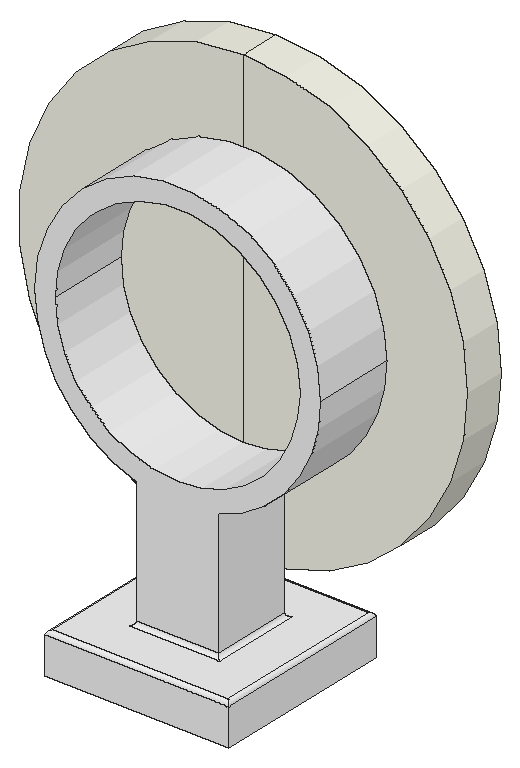
Revit family "Incepa_Acessorios_Suite_Saboneteira_B5004CFCR0", category Plumbing Fixtures, host Face, Revit 2014
Parameters (values of type "Saboneteira")
  Waste Connection = no
  WFU = 0
  Vent Connection = no
  URL = "http://www.incepa.com.br"
  Type Comments = ""
  Selo de Qualidade ofcdesk = "Standard"
  Saboneteira [instance] = Polyvinyl Chloride, Rigid
  Model = "B8004I3CR0"
  Metais [instance] = Celite - Cromado
  Manufacturer = "Incepa"
  Keynote = ""
  Incepa: Versão = "Autodesk Revit MEP 2014"
  Incepa: Tipo = "Saboneteiras"
  Incepa: Produto = "Metais"
  Incepa: Norma [instance] = "ABNT NBR 10282: 2003"
  Incepa: Linha = "Suite"
  Incepa: Informações Técnicas = "N/A"
  Incepa: Informações Gerais = "N/A"
  Incepa: Fabricante = "Incepa"
  Incepa: Descrição = "Saboneteira Suite (B8004I3CR0), Acessórios - Metais Incepa"
  Incepa: Código = "B8004I3CR0"
  Incepa: Cores Disponíveis = "Cromado"
  Incepa: Copyright © = "© 2014 Incepa"
  Incepa: Categoria = "Acessórios"
  Incepa: Altura da Peça [instance] = 0 mm
  HWFU = 0
  HW Connection = no
  Desenvolvido por = "ofcdesk"
  Description = "Saboneteira Suite (B8004I3CR0), Acessórios - Metais Incepa"
  Default Elevation = 1400 mm
  Cost = 0
  CWFU = 0
  CW Connection = no
  Assembly Code = "D2010"
Reference planes
  plane 1 "Center (Front/Back)": y = 0
  plane 2: z = 0
  plane 3 "Center (Left/Right)": x = 0
Forms (mm)
  Revolve 1, solid, material "Polyvinyl Chloride, Rigid" <- "Saboneteira"
    sketch origin (0, 0, 0) x (0, 1, 0) y (0, 0, 1)
      loop
        line (10, 20) -> (20, 20) -> (20, 23) -> (17.075, 46.826)
        arc (17.075, 46.826) -> (17.019, 47.434) -> (17, 48.045) r 10
        line (17, 48.045) -> (17, 75) -> (10, 75) -> (10, 20)
      axis (10, 75) -> (20, 75)
    angle from 0 to 360
  Extrusion 2, solid, material "Celite - Cromado" <- "Metais"
    sketch origin (0, 0, 15) x (1, 0, 0) y (0, 0, 1)
      loop
        circle (0, 60) r 35
      loop
        circle (0, 60) r 30
    from -10 to 10
  Extrusion 3, solid, material "Celite - Cromado" <- "Metais"
    sketch origin (0, 0, 0) x (0, 1, 0) y (0, 0, 1)
      loop
        line (10, 44.5) -> (-10, 44.5) -> (-10, 0) -> (10, 0) -> (10, 44.5)
    from -10 to 10
  Sweep 4, solid, material "Celite - Cromado" <- "Metais"
    path origin (0, 0, 0) x (1, 0, 0) y (0, 1, 0)
      loop
        line (-22.5, 22.5) -> (-22.5, -22.5) -> (22.5, -22.5) -> (22.5, 22.5) -> (-22.5, 22.5)
    profile origin (0, 22.5, 0) x (0, -1, 0) y (0, 0, 1)
      loop
        line (0, 0) -> (12.5, 0) -> (12.5, 11)
        arc (12.5, 11) -> (12.207, 10.293) -> (11.5, 10) r 1
        line (11.5, 10) -> (1, 10)
        arc (1, 10) -> (0.293, 9.707) -> (0, 9) r 1
        line (0, 9) -> (0, 0)
Cuts and joins
  joined: Extrusion 2, Extrusion 3, Sweep 4
Dimensions and locks
  aligned and locked: plane 2 to host face
  aligned and locked: level to host face
